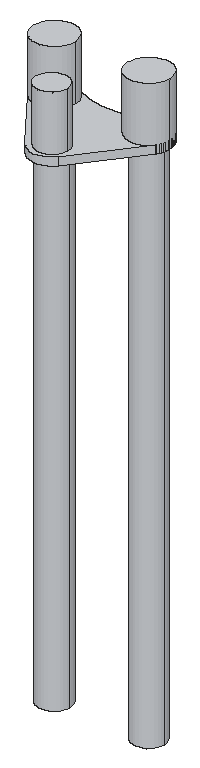
Revit family "Prier C-754", category Plumbing Fixtures, host Face, Revit 2012
Parameters (values of type "3/4" Inlet")
  Waste Connection = no
  Vent Connection = no
  URL = "http://www.prier.com/content/spec-sheets.html"
  Type Comments = "Brass"
  Outlet Size [instance] = 3/4"
  Outlet Radius [instance] = Outlet Size / 2  # 0' - 0 3/8"
  Model = "C-754"
  Manufacturer = "Prier"
  Inlet Radius = Inlet Size / 2  # 0' - 0 3/8"
  Inlet Size = 3/4"
  Hydrant Length [instance] = 1' - 0"
  HW Connection = no
  Default Elevation = 2' - 0"
  Code Standards = "ASSE 1019, ASSE 1052, & CUPC"
  Code Listings = "ASSE. CUPC, & IAPMO"
  CW Connection = yes
Types (3): name | Type Comments | Outlet Size | Outlet Radius | Model | Inlet Radius | Inlet Size
  (no name) | "Brass" | 3/4" | 0' - 0 3/8" | "C-754" | 0' - 0 3/8" | 3/4"
  3/4" Inlet | "Brass" | 3/4" | 0' - 0 3/8" | "C-754" | 0' - 0 3/8" | 3/4"
  1" Inlet | "Satin Nickel Plated" | 1" | 0' - 0 1/2" | "C-634" | 0' - 0 1/2" | 1"
Reference planes (in)
  plane 1 "Center (Front/Back)": y = 0
  plane 2: z = 0
  plane 3 "Center (Left/Right)": x = 0
  plane 4 "Hydrant Length": z = -12
  plane 5 "End of Threads": z = -12.75
  plane 6: z = 1.07812
  plane 7: z = 1.125
  plane 8: z = 1.17187
  plane 9: z = 1.21875
  plane 10: z = 1.26562
  plane 11: z = 1.3125
  plane 12: z = 1.35937
  plane 13: z = 1.40625
  plane 14: z = 1.45312
  plane 15: x = -1.125
  plane 16: x = 1.125
Forms (in)
  Extrusion 1, solid
    sketch origin (0, 0, 0) x (1, 0, 0) y (0, 1, 0)
      loop
        line (-1.52324, -0.30233) -> (-0.39824, -1.78423)
        arc (-0.39824, -1.78423) -> (0, -1.9819) -> (0.39824, -1.78423) r 0.5
        line (0.39824, -1.78423) -> (1.52324, -0.30233)
        arc (1.52324, -0.30233) -> (1.50316, 0.3271) -> (0.88319, 0.43764) r 0.5
        arc (0.88319, 0.43764) -> (0, 0.20987) -> (-0.88319, 0.43764) r 1.82618
        arc (-0.88319, 0.43764) -> (-1.50316, 0.3271) -> (-1.52324, -0.30233) r 0.5
    from 0 to 0.187
  Extrusion 2, solid
    sketch origin (0, 0, 0) x (1, 0, 0) y (0, 1, 0)
      loop
        circle (-1.125, 0) r 0.5
      loop
        circle (0, -1.4819) r 0.375
      loop
        circle (1.125, 0) r 0.5
    from 0 to 1.5
  Extrusion 3, solid
    sketch origin (0, 0.25, -2.25) x (-1, 0, 0) y (0, -1, 0)
      loop
        circle (1.125, 0.25) r 0.375
    from 2.25 to -10.5
  Extrusion 4, solid
    sketch origin (0, 0.25, -2.25) x (1, 0, 0) y (0, 1, 0)
      loop
        circle (1.125, -0.25) r 0.375
    from 2.25 to -10.5
Lines and regions (in)
  symbolic lines, style "PlumbingFixtures", detail levels fine
    curve 1: line (-1.5, 0, 0) -> (-1.5, 0, -12.75)
    curve 2: line (-1.5, 0, -12.75) -> (-0.75, 0, -12.75)
    curve 3: line (-0.75, 0, -12.75) -> (-0.75, 0, 0)
    curve 17: line (2.25, 0, 0) -> (2.25, 0, 0.375)
    curve 18: line (-2.25, 0, 0) -> (-2.25, 0, 0.375)
    curve 19: line (-2.25, 0, 0.375) -> (2.25, 0, 0.375)
    curve 20: line (-2.25, 0, 0) -> (2.25, 0, 0)
    curve 21: line (-0.625, 0, 0.375) -> (-0.625, 0, 1.5)
    curve 22: line (-1.625, 0, 0.375) -> (-1.625, 0, 1.5)
    curve 23: line (-1.625, 0, 1.5) -> (-0.625, 0, 1.5)
    curve 24: line (0.375, 0, 0.375) -> (0.375, 0, 1.5)
    curve 25: line (1.625, 0, 0.375) -> (1.625, 0, 1.5)
    curve 26: line (1.625, 0, 1.5) -> (0.625, 0, 1.5)
    curve 27: line (-0.375, 0, 0.375) -> (-0.375, 0, 1.5)
    curve 28: line (0.375, 0, 0.375) -> (0.375, 0, 1.5)
    curve 29: line (0.375, 0, 1.5) -> (-0.375, 0, 1.5)
    curve 30: line (1.5, 0, 0) -> (1.5, 0, -12.75)
    curve 31: line (1.5, 0, -12.75) -> (0.75, 0, -12.75)
    curve 32: line (0.75, 0, -12.75) -> (0.75, 0, 0)
  symbolic lines, detail levels coarse+medium
    curve 4: line (0, 0, 9.30462) -> (0, 0, 0)
    curve 5: line (-2.25, 0, 6.6875) -> (2.25, 0, 6.6875)
    curve 7: line (-1.125, 0, -12.75) -> (-1.125, 0, 0)
    curve 33: line (1.125, 0, -12.75) -> (1.125, 0, 0)
  symbolic lines, not visible, detail levels coarse+medium
    curve 6: line (2.25, 6.90231, 0) -> (2.25, 2.40231, 0)
  model lines, detail levels fine
    curve 8: circle (0, -1.4819, 1.07812) r 0.375 normal (0, 0, 1)
    curve 9: circle (0, -1.4819, 1.125) r 0.375 normal (0, 0, 1)
    curve 10: circle (0, -1.4819, 1.17187) r 0.375 normal (0, 0, 1)
    curve 11: circle (0, -1.4819, 1.21875) r 0.375 normal (0, 0, 1)
    curve 12: circle (0, -1.4819, 1.26562) r 0.375 normal (0, 0, 1)
    curve 13: circle (0, -1.4819, 1.3125) r 0.375 normal (0, 0, 1)
    curve 14: circle (0, -1.4819, 1.35937) r 0.375 normal (0, 0, 1)
    curve 15: circle (0, -1.4819, 1.40625) r 0.375 normal (0, 0, 1)
    curve 16: circle (0, -1.4819, 1.45312) r 0.375 normal (0, 0, 1)
Dimensions and locks (in)
  locked: plane 4 "Hydrant Length" to plane 5 "End of Threads" at 0.75
  "Hydrant Length": plane 2 to plane 4 "Hydrant Length"
  plane 16 to plane 3 "Center (Left/Right)" to plane 15 = 0' - 1 1/8" locked, 0' - 1 1/8" locked
  "Inlet Radius": curve 1 to plane 15
  "Inlet Radius": curve 3 to plane 15
  "Inlet Radius": plane 16 to curve 32
  "Inlet Radius": plane 16 to curve 30
  "Inlet Radius": radius of Extrusion 3 sketch curve
  radius of Extrusion 2 sketch curve = 0' - 0 1/2"
  "Outlet Radius": radius of Extrusion 2 sketch curve
  "Outlet Radius": radius of curve 8
  "Outlet Radius": radius of curve 9
  "Outlet Radius": radius of curve 10
  "Outlet Radius": radius of curve 11
  "Outlet Radius": radius of curve 12
  "Outlet Radius": radius of curve 13
  "Outlet Radius": radius of curve 14
  "Outlet Radius": radius of curve 15
  "Outlet Radius": radius of curve 16
  "Inlet Radius": radius of Extrusion 4 sketch curve
  aligned and locked: plane 2 to host face
  aligned and locked: level to host face
  aligned and locked: Extrusion 1 to level
  aligned and locked: Extrusion 3 to plane 5 "End of Threads"
  aligned and locked: curve 2 to plane 5 "End of Threads"
  aligned and locked: plane 5 "End of Threads" to curve 7
  aligned and locked: Extrusion 2 to plane 2
  aligned and locked: plane 2 to Extrusion 3
  aligned and locked: plane 2 to curve 3
  aligned and locked: plane 1 "Center (Front/Back)" to Extrusion 2 sketch curve
  aligned and locked: level to curve 17
  aligned and locked: Extrusion 4 to plane 5 "End of Threads"
Automatic sketch dimensions
  curve 5 to curve 4 = 0' - 2 1/4"
  curve 4 to curve 5 = 0' - 2 1/4"
  curve 5 to curve 4 = 0' - 2.61712"
  curve 4 to curve 5 = 0' - 6 11/16"
  curve 32 to plane 5 "End of Threads" = 0' - 0"
  plane 14 to curve 22 = 0' - 0 3/64"
  curve 18 to curve 22 = 0' - 0 5/8"
  curve 22 to curve 1 = 0' - 0 1/8"
  curve 23 to plane 3 "Center (Left/Right)" = 0' - 0 5/8"
  plane 14 to curve 27 = 0' - 0 3/64"
  curve 21 to curve 27 = 0' - 0 1/4"
  plane 3 "Center (Left/Right)" to curve 29 = 0' - 0 3/8"
  plane 14 to curve 26 = 0' - 0 3/64"
  curve 24 to curve 26 = 0' - 0 1/4"
  curve 33 to curve 30 = 0' - 0 3/8"
  curve 26 to curve 25 = 0' - 1"
  curve 25 to curve 17 = 0' - 0 5/8"
  level to curve 28 = 0' - 0 3/8"
  host sketch curve to host sketch curve = 0' - 5.64894"
  host sketch curve to host sketch curve = 0' - 6.70795"
  plane 1 "Center (Front/Back)" to Extrusion 1 sketch curve = 0' - 0"  (x2)
  Extrusion 1 sketch curve to plane 3 "Center (Left/Right)" = 0' - 0"  (x2)
  Extrusion 1 sketch curve to plane 3 "Center (Left/Right)" = 0' - 0.39824"
  Extrusion 1 sketch curve to plane 1 "Center (Front/Back)" = 0' - 0.43764"  (x2)
  Extrusion 1 sketch curve to plane 3 "Center (Left/Right)" = 0' - 0.88319"
  Extrusion 1 sketch curve to Extrusion 1 sketch curve = 0' - 0"
  Extrusion 1 sketch curve to Extrusion 1 sketch curve = 0' - 0.24181"
  plane 1 "Center (Front/Back)" to Extrusion 1 sketch curve = 0' - 0.30233"  (x2)
  plane 3 "Center (Left/Right)" to Extrusion 1 sketch curve = 0' - 0.39824"
  plane 3 "Center (Left/Right)" to Extrusion 1 sketch curve = 0' - 0.88319"
  plane 1 "Center (Front/Back)" to Extrusion 1 sketch curve = 0' - 1.4819"
  Extrusion 1 sketch curve to Extrusion 1 sketch curve = 0' - 0.30233"
  Extrusion 2 sketch curve to plane 3 "Center (Left/Right)" = 0' - 0"
  plane 1 "Center (Front/Back)" to Extrusion 2 sketch curve = 0' - 0"
  Extrusion 2 sketch curve to plane 3 "Center (Left/Right)" = 0' - 1 1/8"
  plane 3 "Center (Left/Right)" to Extrusion 2 sketch curve = 0' - 1 1/8"
  plane 1 "Center (Front/Back)" to Extrusion 2 sketch curve = 0' - 1.4819"
  plane 1 "Center (Front/Back)" to Extrusion 3 sketch curve = 0' - 0"
  Extrusion 3 sketch curve to plane 3 "Center (Left/Right)" = 0' - 1 1/8"
  curve 8 to plane 3 "Center (Left/Right)" = 0' - 0"
  plane 1 "Center (Front/Back)" to curve 8 = 0' - 1.4819"
  curve 9 to plane 3 "Center (Left/Right)" = 0' - 0"
  plane 1 "Center (Front/Back)" to curve 9 = 0' - 1.4819"
  curve 10 to plane 3 "Center (Left/Right)" = 0' - 0"
  plane 1 "Center (Front/Back)" to curve 10 = 0' - 1.4819"
  curve 11 to plane 3 "Center (Left/Right)" = 0' - 0"
  plane 1 "Center (Front/Back)" to curve 11 = 0' - 1.4819"
  curve 12 to plane 3 "Center (Left/Right)" = 0' - 0"
  plane 1 "Center (Front/Back)" to curve 12 = 0' - 1.4819"
  curve 13 to plane 3 "Center (Left/Right)" = 0' - 0"
  plane 1 "Center (Front/Back)" to curve 13 = 0' - 1.4819"
  curve 14 to plane 3 "Center (Left/Right)" = 0' - 0"
  plane 1 "Center (Front/Back)" to curve 14 = 0' - 1.4819"
  curve 15 to plane 3 "Center (Left/Right)" = 0' - 0"
  plane 1 "Center (Front/Back)" to curve 15 = 0' - 1.4819"
  curve 16 to plane 3 "Center (Left/Right)" = 0' - 0"
  plane 1 "Center (Front/Back)" to curve 16 = 0' - 1.4819"
  plane 1 "Center (Front/Back)" to Extrusion 4 sketch curve = 0' - 0"
  plane 3 "Center (Left/Right)" to Extrusion 4 sketch curve = 0' - 1 1/8"
  curve 7 to plane 15 = 0' - 0"
  radius of Extrusion 2 sketch curve = 0' - 0 1/2"
Connectors (in)
  piping at (-1.125, 0, -12.75), driven by "Inlet Radius"
    settings: on Extrusion 3, index 1, connector radius 3/8", flow factor 0, pipe flow 0 GPM, pressure drop 0.00 psi, fitting loss kfactor 0, connector angle 0.00°, fixture units 0, engagement length 0' - 0", flow configuration 0, flow direction 1, fitting loss method 0, system type 20, joint type 0, gender type 0, connector reference index -1, connector utility 0, adjustable connector no, is connector primary yes, fitting loss table "", connector description "Cold Water Inlet"
  piping at (1.125, 0, -12.75), driven by "Inlet Radius"
    settings: on Extrusion 4, index 2, connector radius 3/8", flow factor 0, pipe flow 0 GPM, pressure drop 0.00 psi, fitting loss kfactor 0, connector angle 0.00°, fixture units 0, engagement length 0' - 0", flow configuration 0, flow direction 1, fitting loss method 0, system type 19, joint type 0, gender type 0, connector reference index -1, connector utility 0, adjustable connector no, is connector primary no, fitting loss table "", connector description "Hot Water Inlet"
